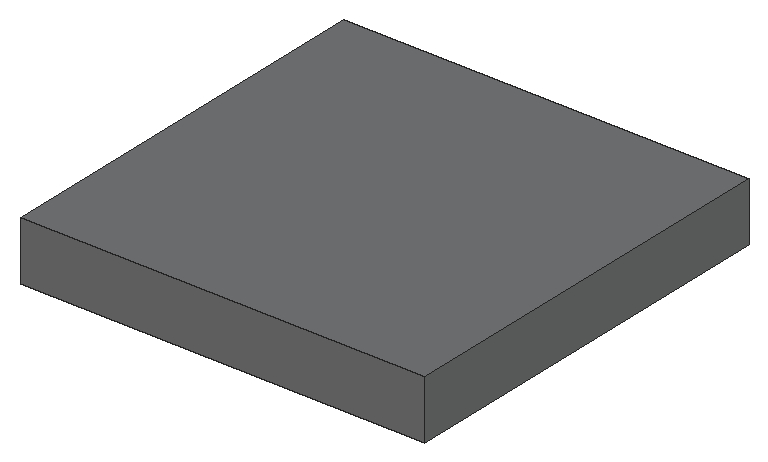
Revit family "Gira_028628", category Electrical Fixtures, host Face, Revit 2017
Family settings
  Host = Face
  Maintain Annotation Orientation = No
  Round Connector Dimension = Use Diameter
  Part Type = Normal
  Cut with Voids When Loaded = No
  Shared = No
  Room Calculation Point = No
Parameters (values of type "Rocker sym.bell System 55 anthra.")
  With exchangeable lens/symbol = "No"
  URL = "http://katalog.gira.de/en/datenblatt.html?artikelnr=028628"
  Suitable for touch sensor connector for bus system = "No"
  Scannable symbol / barrier free = "No"
  Name = "Rocker sym.bell System 55 anthra."
  Monitoring window/light outlet = "No"
  Model = "Single rocker"
  Manufacturer URL = "https://www.gira.de/"
  Manufacturer = "Gira"
  Keynote = ""
  HeinzeBIM = "https://bimportal.heinze.de/bim/rocker-sym-bell-system-55-anthra-/52d6c54fcf1a724b9d80d3dc9380fa41e0d5163f"
  HAN = "028628"
  GTIN = "4010337286288"
  Description = "Rock.sym.bell Sys55 AN,Rocker with symbol,Bell,anthracite,"
  Default Elevation = 1219.2 mm
  Data sheet (1) = "https://katalog.gira.de/en/download.html?artikelnr=028628"
  Category = "Control element/cover plate for domestic switching devices"
  BIM (1) = "https://media.stage.bim.site/public/gira/36a6b08/Sys55_Abdeckung_Schalten und Tasten.rfa?public/gira/36a6b08/Sys55_Abdeckung_Schalten und Tasten.rfa"
  Available = "No"
  Anthrazit [instance] = Anthrazit
Reference planes
  plane 1 "Center (Front/Back)": y = 0
  plane 2: z = 0
  plane 3 "Center (Left/Right)": x = 0
Forms (mm)
  Extrusion 1, solid, material "Anthrazit" <- "Anthrazit", detail levels fine
    sketch origin (0, 0, 0) x (1, 0, 0) y (0, 1, 0)
      loop
        line (-27.5, 27.5) -> (-27.5, -27.5) -> (27.5, -27.5) -> (27.5, 27.5) -> (-27.5, 27.5)
    from 0 to 8
  Extrusion 2, void
    sketch origin (0, 0, 0) x (1, 0, 0) y (0, 1, 0)
      loop
        line (26, 26) -> (-26, 26) -> (-26, -26) -> (26, -26) -> (26, 26)
    from 0 to 6
  Extrusion 3, solid, material "Anthrazit" <- "Anthrazit", detail levels medium
    sketch origin (0, 0, 0) x (1, 0, 0) y (0, 1, 0)
      loop
        line (-27.5, 27.5) -> (-27.5, -27.5) -> (27.5, -27.5) -> (27.5, 27.5) -> (-27.5, 27.5)
    from 0 to 8
  Extrusion 4, solid, material "Anthrazit" <- "Anthrazit", detail levels medium
    sketch origin (0, 0, 0) x (1, 0, 0) y (0, 1, 0)
      loop
        line (11, -17.5) -> (11, 17.5) -> (-11, 17.5) -> (-11, -17.5) -> (11, -17.5)
    from -6 to 6
  Extrusion 5, solid, material "Anthrazit" <- "Anthrazit", detail levels fine
    sketch origin (0, 0, 0) x (1, 0, 0) y (0, 1, 0)
      loop
        line (11, 17.5) -> (-11, 17.5) -> (-11, 16.5) -> (11, 16.5) -> (11, 17.5)
      loop
        line (-11, -16.5) -> (-11, -17.5) -> (11, -17.5) -> (11, -16.5) -> (-11, -16.5)
    from -4 to 6
  Extrusion 6, solid, material "Anthrazit" <- "Anthrazit", detail levels fine
    sketch origin (0, 0, 0) x (1, 0, 0) y (0, 1, 0)
      loop
        arc (5, 9.347) -> (0, 10.6) -> (-5, 9.347) r 10.6
        line (-5, 9.347) -> (-5, -9.347)
        arc (-5, -9.347) -> (0, -10.6) -> (5, -9.347) r 10.6
        line (5, -9.347) -> (5, 9.347)
    from -6 to 6
  Extrusion 7, solid, material "Anthrazit" <- "Anthrazit", detail levels coarse
    sketch origin (0, 0, 0) x (1, 0, 0) y (0, 1, 0)
      loop
        line (-27.5, 27.5) -> (-27.5, -27.5) -> (27.5, -27.5) -> (27.5, 27.5) -> (-27.5, 27.5)
    from -6 to 8
Cuts and joins
  Extrusion 2 cuts Extrusion 1
Dimensions and locks
  aligned and locked: plane 2 to host face
  aligned and locked: level to host face
